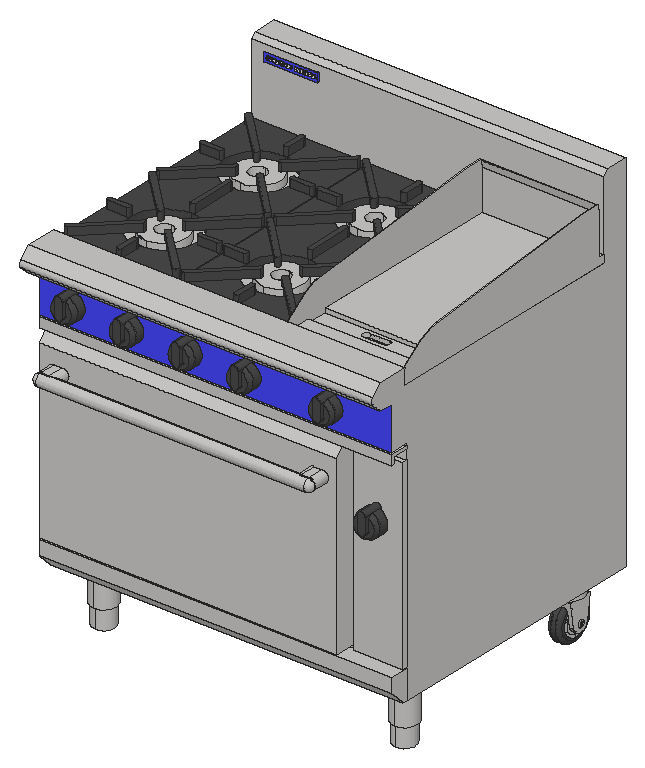
Revit family "QF_MOFFAT_BLUESEAL_CE_G56C", category Specialty Equipment, Revit 2012 (continued)
Automatic sketch dimensions
  Revolve 22 sketch curve to Revolve 22 sketch curve = 15 mm
  Revolve 22 sketch curve to plane 18 = 31.875 mm
  plane 7 "Center Y" to Revolve 22 sketch curve = 138.039 mm
  Revolve 22 sketch curve to plane 16 = 111.461 mm
  plane 21 to Extrusion 23 sketch curve = 44 mm
  Extrusion 23 sketch curve to Extrusion 23 sketch curve = 6.387 mm
  Extrusion 23 sketch curve to Extrusion 23 sketch curve = 8.776 mm
  Extrusion 23 sketch curve to plane 21 = 4.07 mm
  plane 18 to Extrusion 23 sketch curve = 55 mm
  Extrusion 23 sketch curve to Extrusion 23 sketch curve = 16.999 mm
  Extrusion 23 sketch curve to Extrusion 23 sketch curve = 7.004 mm
  plane 21 to Extrusion 24 sketch curve = 44 mm
  Extrusion 24 sketch curve to Extrusion 24 sketch curve = 36.5 mm
  Extrusion 25 sketch curve to plane 19 = 0 mm
  Extrusion 25 sketch curve to plane 19 = 19.393 mm
  Extrusion 25 sketch curve to plane 19 = 31.75 mm
  plane 19 to Extrusion 25 sketch curve = 19.393 mm
  plane 19 to Extrusion 25 sketch curve = 31.75 mm
  level to Extrusion 25 sketch curve = 45.111 mm
  Extrusion 25 sketch curve to Extrusion 25 sketch curve = 4.889 mm
  Extrusion 25 sketch curve to Extrusion 25 sketch curve = 64.889 mm
  Revolve 26 sketch curve to plane 19 = 0 mm  (x2)
  Revolve 26 sketch curve to plane 19 = 35.75 mm
  Revolve 26 sketch curve to level = 55 mm
  level to Revolve 26 sketch curve = 50 mm
  Revolve 26 sketch curve to Revolve 26 sketch curve = 60 mm
  Revolve 26 sketch curve to Revolve 26 sketch curve = 40 mm
  Revolve 27 sketch curve to plane 19 = 0 mm  (x2)
  Revolve 27 sketch curve to plane 19 = 35.75 mm
  level to Revolve 27 sketch curve = 150 mm
  Revolve 27 sketch curve to Revolve 27 sketch curve = 40 mm
  level to Revolve 27 sketch curve = 50 mm
  Revolve 27 sketch curve to level = 55 mm
  Revolve 28 sketch curve to plane 16 = 34.382 mm
  Revolve 28 sketch curve to Revolve 28 sketch curve = 1.27 mm  (x4)
  Revolve 28 sketch curve to Revolve 28 sketch curve = 1.524 mm  (x2)
  Revolve 28 sketch curve to Revolve 28 sketch curve = 12.146 mm  (x2)
  Revolve 28 sketch curve to plane 16 = 16.68 mm
  Revolve 28 sketch curve to Revolve 28 sketch curve = 0.794 mm  (x2)
  Revolve 28 sketch curve to Revolve 28 sketch curve = 3.57 mm
  Revolve 28 sketch curve to Revolve 28 sketch curve = 2.143 mm
  Revolve 28 sketch curve to plane 16 = 6.361 mm
  plane 16 to Revolve 28 sketch curve = 5.13 mm
  plane 16 to Revolve 28 sketch curve = 6.339 mm
  plane 16 to Revolve 28 sketch curve = 14.515 mm
  Revolve 28 sketch curve to Revolve 28 sketch curve = 1.349 mm  (x2)
  Revolve 28 sketch curve to Revolve 28 sketch curve = 3.556 mm
  Revolve 28 sketch curve to plane 4 "RIGHT" = 2.18 mm
  level to Revolve 28 sketch curve = 50.8 mm
  Revolve 28 sketch curve to Revolve 28 sketch curve = 0 mm
  Revolve 28 sketch curve to Revolve 28 sketch curve = 3.505 mm  (x2)
  Revolve 28 sketch curve to Revolve 28 sketch curve = 3.447 mm  (x2)
  Revolve 28 sketch curve to Revolve 28 sketch curve = 9.964 mm
  Revolve 28 sketch curve to Revolve 28 sketch curve = 10.045 mm
  Revolve 28 sketch curve to Revolve 28 sketch curve = 2.053 mm
  Revolve 28 sketch curve to Revolve 28 sketch curve = 2.061 mm
  Revolve 28 sketch curve to Revolve 28 sketch curve = 8.247 mm
  Revolve 28 sketch curve to Revolve 28 sketch curve = 8.336 mm
  Revolve 28 sketch curve to Revolve 28 sketch curve = 6.35 mm  (x2)
  Extrusion 29 sketch curve to plane 19 = 0 mm
  Extrusion 29 sketch curve to plane 19 = 19.393 mm
  Extrusion 29 sketch curve to plane 19 = 31.75 mm
  plane 19 to Extrusion 29 sketch curve = 19.393 mm
  plane 19 to Extrusion 29 sketch curve = 31.75 mm
  level to Extrusion 29 sketch curve = 45.111 mm
  Extrusion 29 sketch curve to Extrusion 29 sketch curve = 4.889 mm
  Extrusion 29 sketch curve to Extrusion 29 sketch curve = 64.889 mm
  Revolve 30 sketch curve to level = 0 mm
  Revolve 30 sketch curve to plane 19 = 0 mm  (x2)
  Revolve 30 sketch curve to Revolve 30 sketch curve = 27.5 mm
  Revolve 30 sketch curve to Revolve 30 sketch curve = 31.75 mm
  Revolve 30 sketch curve to level = 55 mm
  Revolve 30 sketch curve to Revolve 30 sketch curve = 50 mm
  Revolve 30 sketch curve to Revolve 30 sketch curve = 0 mm
  Revolve 30 sketch curve to Revolve 30 sketch curve = 100 mm
  Revolve 31 sketch curve to level = 0 mm
  Revolve 31 sketch curve to plane 19 = 0 mm  (x2)
  Revolve 31 sketch curve to Revolve 31 sketch curve = 27.5 mm
  Revolve 31 sketch curve to Revolve 31 sketch curve = 31.75 mm
  level to Revolve 31 sketch curve = 50 mm
  Revolve 31 sketch curve to Revolve 31 sketch curve = 0 mm
  Revolve 31 sketch curve to Revolve 31 sketch curve = 100 mm
  Revolve 31 sketch curve to Revolve 31 sketch curve = 55 mm
  plane 14 to Revolve 32 sketch curve = 25.382 mm
  Revolve 32 sketch curve to Revolve 32 sketch curve = 1.27 mm  (x4)
  Revolve 32 sketch curve to Revolve 32 sketch curve = 1.524 mm  (x2)
  plane 14 to Revolve 32 sketch curve = 10.442 mm
  plane 14 to Revolve 32 sketch curve = 7.68 mm
  Revolve 32 sketch curve to Revolve 32 sketch curve = 0.794 mm  (x2)
  Revolve 32 sketch curve to Revolve 32 sketch curve = 3.57 mm
  Revolve 32 sketch curve to Revolve 32 sketch curve = 2.143 mm
  Revolve 32 sketch curve to plane 14 = 2.639 mm
  Revolve 32 sketch curve to plane 11 = 0.13 mm
  Revolve 32 sketch curve to plane 11 = 1.339 mm
  Revolve 32 sketch curve to plane 11 = 9.515 mm
  Revolve 32 sketch curve to Revolve 32 sketch curve = 1.349 mm  (x2)
  Revolve 32 sketch curve to Revolve 32 sketch curve = 3.556 mm
  Revolve 32 sketch curve to Revolve 32 sketch curve = 12.146 mm
  Revolve 32 sketch curve to plane 3 "LEFT" = 2.68 mm
  level to Revolve 32 sketch curve = 101.6 mm
  Revolve 32 sketch curve to Revolve 32 sketch curve = 6.35 mm  (x4)
  Revolve 32 sketch curve to Revolve 32 sketch curve = 8.247 mm
  Revolve 32 sketch curve to Revolve 32 sketch curve = 8.336 mm
  Revolve 32 sketch curve to Revolve 32 sketch curve = 2.061 mm
  Revolve 32 sketch curve to Revolve 32 sketch curve = 2.053 mm
  Revolve 32 sketch curve to Revolve 32 sketch curve = 10.045 mm
  Revolve 32 sketch curve to Revolve 32 sketch curve = 9.964 mm
  Revolve 32 sketch curve to Revolve 32 sketch curve = 3.447 mm  (x2)
  Revolve 32 sketch curve to Revolve 32 sketch curve = 3.505 mm
  plane 21 to Extrusion 33 sketch curve = 0 mm
  Extrusion 33 sketch curve to plane 21 = 3 mm  (x2)
  plane 10 to Extrusion 33 sketch curve = 36.504 mm
  plane 12 to Extrusion 33 sketch curve = 67.472 mm
  plane 19 to Extrusion 33 sketch curve = 26 mm  (x2)
  Extrusion 33 sketch curve to Extrusion 33 sketch curve = 3 mm
  plane 14 to Extrusion 33 sketch curve = 76 mm  (x2)
  plane 9 to Extrusion 33 sketch curve = 17 mm
  Extrusion 34 sketch curve to Extrusion 33 = 19.102 mm  (x4)
  Extrusion 34 sketch curve to Extrusion 34 sketch curve = 4.525 mm  (x32)
  Extrusion 34 sketch curve to Extrusion 33 = 27.593 mm  (x2)
  Extrusion 34 sketch curve to Extrusion 34 sketch curve = 48.456 mm  (x8)
  Extrusion 34 sketch curve to Extrusion 34 sketch curve = 50.976 mm  (x2)
  Extrusion 34 sketch curve to Extrusion 34 sketch curve = 0 mm  (x11)
  Extrusion 33 to Extrusion 34 sketch curve = 9.908 mm  (x2)
  Extrusion 34 sketch curve to Extrusion 34 sketch curve = 27.39 mm  (x4)
  Extrusion 34 sketch curve to Extrusion 34 sketch curve = 6.4 mm  (x14)
  Extrusion 34 sketch curve to Extrusion 34 sketch curve = 20.658 mm  (x4)
  Extrusion 34 sketch curve to Extrusion 34 sketch curve = 55.923 mm  (x2)
  Extrusion 33 to Extrusion 34 sketch curve = 6.102 mm  (x3)
  Extrusion 34 sketch curve to Extrusion 34 sketch curve = 128.581 mm  (x3)
  Extrusion 34 sketch curve to Extrusion 33 = 6.102 mm  (x2)
  Extrusion 34 sketch curve to Extrusion 33 = 5.102 mm  (x3)
  Extrusion 34 sketch curve to Extrusion 33 = 14.153 mm
  Extrusion 34 sketch curve to Extrusion 34 sketch curve = 12.205 mm  (x4)
  Extrusion 34 sketch curve to Extrusion 33 = 15.153 mm  (x2)
  Extrusion 33 to Extrusion 34 sketch curve = 15.153 mm
  Extrusion 34 sketch curve to Extrusion 34 sketch curve = 112.454 mm  (x2)
  Extrusion 34 sketch curve to Extrusion 34 sketch curve = 59.673 mm  (x2)
  Extrusion 34 sketch curve to Extrusion 34 sketch curve = 17.024 mm  (x3)
  Extrusion 34 sketch curve to Extrusion 34 sketch curve = 46.847 mm  (x4)
  Extrusion 34 sketch curve to Extrusion 34 sketch curve = 62.169 mm  (x2)
  Extrusion 34 sketch curve to Extrusion 33 = 36.153 mm  (x3)
  Extrusion 34 sketch curve to Extrusion 33 = 23.4 mm  (x2)
  Extrusion 34 sketch curve to Extrusion 33 = 9.156 mm  (x2)
  Extrusion 34 sketch curve to Extrusion 34 sketch curve = 55.413 mm  (x4)
  Extrusion 34 sketch curve to Extrusion 34 sketch curve = 20.524 mm  (x6)
  Extrusion 34 sketch curve to Extrusion 34 sketch curve = 53.847 mm  (x8)
  Extrusion 34 sketch curve to Extrusion 33 = 58.364 mm
  Extrusion 34 sketch curve to Extrusion 34 sketch curve = 55.661 mm  (x4)
  Extrusion 34 sketch curve to Extrusion 33 = 9.908 mm  (x2)
  Extrusion 34 sketch curve to Extrusion 34 sketch curve = 128.447 mm  (x3)
  Extrusion 36 sketch curve to plane 7 "Center Y" = 0 mm  (x2)
  plane 21 to Extrusion 36 sketch curve = 0 mm
  Extrusion 36 sketch curve to plane 21 = 3 mm  (x2)
  plane 10 to Extrusion 36 sketch curve = 36.504 mm
  plane 12 to Extrusion 36 sketch curve = 67.472 mm
  plane 19 to Extrusion 36 sketch curve = 26 mm  (x2)
  Extrusion 36 sketch curve to Extrusion 36 sketch curve = 3 mm
  plane 9 to Extrusion 36 sketch curve = 23 mm
  curve 23 to curve 27 = 0 mm  (x2)
  curve 37 to curve 39 = 0 mm  (x2)
  curve 37 to curve 41 = 0 mm  (x2)
  curve 45 to curve 47 = 0 mm  (x2)
  curve 51 to curve 53 = 0 mm  (x2)
  curve 51 to curve 55 = 0 mm  (x2)
  curve 49 to plane 7 "Center Y" = 0 mm
  curve 45 to plane 7 "Center Y" = 0 mm
  curve 51 to plane 7 "Center Y" = 0 mm
  plane 12 to curve 42 = 45.472 mm
  plane 14 to curve 42 = 76 mm
  plane 14 to curve 28 = 76 mm
  curve 26 to curve 23 = 0 mm
  curve 39 to curve 41 = 22 mm
  plane 12 to curve 55 = 67.472 mm
  curve 55 to curve 51 = 22 mm
  curve 54 to curve 55 = 35 mm
  curve 39 to curve 41 = 35 mm
  curve 38 to curve 39 = 28 mm
  curve 51 to curve 53 = 28 mm
  curve 25 to plane 8 "Center X" = 46.768 mm
  curve 50 to plane 8 "Center X" = 46.768 mm
  curve 49 to curve 46 = 27.732 mm
  curve 25 to curve 23 = 27.732 mm
  curve 45 to curve 48 = 35 mm
  curve 23 to curve 28 = 35 mm
  curve 27 to curve 28 = 22 mm
  curve 47 to curve 45 = 22 mm
  curve 23 to curve 25 = 0.268 mm
  curve 45 to curve 50 = 0.268 mm
  Extrusion 35 sketch curve to Extrusion 35 sketch curve = 0 mm  (x8)
  Extrusion 35 sketch curve to plane 7 "Center Y" = 0 mm  (x2)
  plane 12 to Extrusion 35 sketch curve = 67.472 mm  (x2)
  plane 10 to Extrusion 35 sketch curve = 36.772 mm  (x2)
  plane 14 to Extrusion 35 sketch curve = 76 mm  (x2)
  plane 1 "BACK" to curve 1 = 0 mm
  curve 1 to plane 3 "LEFT" = 0 mm
  plane 5 "FRONT" to curve 9 = 0 mm
  plane 21 to curve 6 = 0 mm
  plane 3 "LEFT" to curve 31 = 8.27 mm
  plane 3 "LEFT" to curve 44 = 8.27 mm
  plane 3 "LEFT" to curve 34 = 8.27 mm
  plane 3 "LEFT" to curve 29 = 8.27 mm
  plane 3 "LEFT" to curve 20 = 9.26 mm
  plane 3 "LEFT" to curve 35 = 9.26 mm
  plane 3 "LEFT" to curve 9 = 22.65 mm
  curve 10 to plane 11 = 11.111 mm
  curve 9 to plane 11 = 9.192 mm
  curve 20 to plane 11 = 0.74 mm
  curve 35 to plane 11 = 0.74 mm
  plane 14 to curve 34 = 47.407 mm
  plane 14 to curve 44 = 47.407 mm
  plane 14 to curve 29 = 47.407 mm
  plane 10 to curve 31 = 11.679 mm
  plane 14 to curve 31 = 47.407 mm
  curve 18 to plane 12 = 26.806 mm
  curve 34 to curve 18 = 28.581 mm
  curve 19 to plane 21 = 23.732 mm
  plane 14 to curve 19 = 76.034 mm
  curve 44 to curve 32 = 28.628 mm
  curve 44 to curve 43 = 57.187 mm
  plane 12 to curve 33 = 35.379 mm
  curve 34 to curve 33 = 57.187 mm
  curve 29 to curve 21 = 57.187 mm
  plane 10 to curve 30 = 11.679 mm
  curve 30 to curve 21 = 0 mm
  curve 36 to plane 9 = 39.959 mm
  curve 22 to plane 9 = 39.959 mm
  plane 9 to curve 43 = 11.73 mm
  plane 9 to curve 33 = 11.73 mm
  plane 9 to curve 30 = 11.73 mm
  plane 9 to curve 21 = 11.73 mm
  plane 9 to curve 22 = 11.767 mm
  plane 9 to curve 36 = 11.767 mm
  curve 15 to plane 21 = 3.3 mm
  plane 9 to curve 15 = 20 mm
  plane 8 "Center X" to curve 62 = 6.73 mm
  curve 21 to curve 62 = 16.539 mm
  curve 30 to curve 64 = 16.539 mm
  curve 33 to curve 67 = 16.539 mm
  plane 19 to curve 71 = 7.73 mm
  curve 43 to curve 71 = 16.539 mm
  curve 22 to curve 59 = 17.493 mm
  curve 36 to curve 68 = 17.493 mm
  curve 59 to curve 59 = 50 mm
  curve 68 to curve 68 = 50 mm
  plane 10 to curve 64 = 11.679 mm
  curve 64 to plane 7 "Center Y" = 28.593 mm
  curve 71 to plane 7 "Center Y" = 28.593 mm
  curve 62 to plane 7 "Center Y" = 28.593 mm
  curve 67 to plane 7 "Center Y" = 28.593 mm
  curve 57 to plane 7 "Center Y" = 0.012 mm
  plane 7 "Center Y" to curve 58 = 0.034 mm
  plane 7 "Center Y" to curve 65 = 0.034 mm
  plane 10 to curve 63 = 11.679 mm
  plane 7 "Center Y" to curve 63 = 28.593 mm
  plane 7 "Center Y" to curve 60 = 28.593 mm
  plane 7 "Center Y" to curve 66 = 28.593 mm
  plane 7 "Center Y" to curve 70 = 28.593 mm
  curve 66 to curve 69 = 61.447 mm
  curve 63 to curve 61 = 61.447 mm
  plane 8 "Center X" to curve 60 = 6.73 mm
  plane 7 "Center Y" to curve 60 = 141.73 mm
  plane 19 to curve 70 = 7.73 mm
  plane 7 "Center Y" to curve 70 = 141.73 mm
  curve 66 to plane 13 = 17.758 mm
  curve 66 to curve 60 = 0 mm
  curve 63 to plane 21 = 29.27 mm
  plane 7 "Center Y" to curve 63 = 141.73 mm
  curve 69 to curve 69 = 51.727 mm
  curve 61 to curve 61 = 51.727 mm
  curve 70 to curve 16 = 8.27 mm
  plane 5 "FRONT" to curve 10 = 14.544 mm
  curve 10 to plane 16 = 112.642 mm
  curve 11 to curve 11 = 25.191 mm
  curve 13 to plane 16 = 74.5 mm
  curve 12 to curve 10 = 392.303 mm
  curve 58 to plane 21 = 23.732 mm
  curve 7 to curve 31 = 25.97 mm
  curve 15 to curve 64 = 25.97 mm
  curve 30 to curve 64 = 0 mm
  curve 58 to curve 58 = 52.71 mm
  curve 19 to curve 19 = 52.71 mm
  plane 10 to curve 61 = 36.638 mm
  plane 10 to curve 22 = 36.638 mm
  plane 10 to curve 59 = 36.638 mm
  plane 10 to curve 20 = 36.638 mm
  curve 31 to curve 29 = 50.187 mm
  curve 63 to curve 60 = 50.187 mm
  curve 30 to curve 21 = 50.187 mm
  curve 64 to curve 62 = 50.187 mm
  curve 18 to plane 8 "Center X" = 42.358 mm
  curve 57 to plane 8 "Center X" = 42.358 mm
  plane 8 "Center X" to curve 21 = 6.73 mm
  plane 8 "Center X" to curve 29 = 6.73 mm
  curve 21 to curve 33 = 16.539 mm
  curve 33 to curve 67 = 0 mm
  curve 17 to curve 34 = 8.27 mm
  curve 57 to plane 12 = 26.806 mm
  plane 12 to curve 34 = 35.379 mm
  plane 12 to curve 66 = 35.379 mm
  plane 12 to curve 67 = 35.379 mm
  plane 12 to curve 36 = 63.972 mm
  curve 36 to curve 68 = 0 mm
  plane 12 to curve 69 = 63.972 mm
  plane 12 to curve 35 = 63.972 mm
  curve 33 to curve 43 = 64.187 mm
  curve 67 to curve 71 = 64.187 mm
  curve 71 to curve 70 = 0 mm
  curve 44 to curve 43 = 0 mm
  curve 32 to plane 19 = 49.16 mm
  curve 65 to plane 19 = 49.16 mm
  plane 19 to curve 65 = 3.719 mm
  plane 19 to curve 32 = 3.719 mm
  plane 19 to curve 44 = 7.73 mm
  plane 19 to curve 43 = 7.73 mm
  curve 43 to curve 15 = 19.536 mm
  curve 8 to curve 4 = 2.734 mm
  Split face 1 sketch curve to cut or joined group of Extrusion 1, Extrusion 19 = 27.115 mm
  Split face 1 sketch curve to cut or joined group of Extrusion 1, Extrusion 19 = 626.545 mm
  Split face 1 sketch curve to Split face 1 sketch curve = 4.041 mm  (x4)
  Split face 1 sketch curve to Split face 1 sketch curve = 8.66 mm  (x2)
  Split face 1 sketch curve to cut or joined group of Extrusion 1, Extrusion 19 = 12.115 mm
  Split face 1 sketch curve to Split face 1 sketch curve = 223.917 mm
  Split face 1 sketch curve to Split face 1 sketch curve = 7 mm  (x3)
  Split face 1 sketch curve to Split face 1 sketch curve = 17 mm
  Split face 2 sketch curve to cut or joined group of Extrusion 1, Extrusion 19 = 27.115 mm
  Split face 2 sketch curve to cut or joined group of Extrusion 1, Extrusion 19 = 326.545 mm
  Split face 2 sketch curve to cut or joined group of Extrusion 1, Extrusion 19 = 23.385 mm
  Split face 2 sketch curve to Split face 2 sketch curve = 4.041 mm  (x3)
  Split face 2 sketch curve to Split face 2 sketch curve = 8.66 mm  (x3)
  Split face 2 sketch curve to cut or joined group of Extrusion 1, Extrusion 19 = 12.115 mm
  Split face 2 sketch curve to Split face 2 sketch curve = 223.917 mm
  Split face 2 sketch curve to cut or joined group of Extrusion 1, Extrusion 19 = 18.385 mm
  Split face 2 sketch curve to Split face 2 sketch curve = 10 mm
  Split face 2 sketch curve to Split face 2 sketch curve = 7 mm
  Split face 3 sketch curve to cut or joined group of Extrusion 1, Extrusion 19 = 27.115 mm
  Split face 3 sketch curve to cut or joined group of Extrusion 1, Extrusion 19 = 26.545 mm
  Split face 3 sketch curve to cut or joined group of Extrusion 1, Extrusion 19 = 23.385 mm
  Split face 3 sketch curve to Split face 3 sketch curve = 4.041 mm  (x4)
  Split face 3 sketch curve to Split face 3 sketch curve = 8.66 mm  (x2)
  Split face 3 sketch curve to cut or joined group of Extrusion 1, Extrusion 19 = 22.115 mm
  Split face 3 sketch curve to Split face 3 sketch curve = 223.917 mm
  Split face 3 sketch curve to cut or joined group of Extrusion 1, Extrusion 19 = 17.115 mm
  Split face 3 sketch curve to Split face 3 sketch curve = 17 mm
  Split face 3 sketch curve to Split face 3 sketch curve = 7 mm
  curve 78 to plane 17 = 1.385 mm
  plane 3 "LEFT" to curve 78 = 24.134 mm
  curve 78 to plane 17 = 8.385 mm
  curve 78 to curve 78 = 4.041 mm
  plane 17 to curve 79 = 3.615 mm
  curve 79 to curve 79 = 8.66 mm
  curve 77 to curve 77 = 8.66 mm
  plane 17 to curve 73 = 3.615 mm
  curve 73 to plane 9 = 19.247 mm
  curve 75 to plane 17 = 3.385 mm
  curve 73 to curve 75 = 4.041 mm
  plane 17 to curve 74 = 8.615 mm
  plane 17 to curve 75 = 1.615 mm
  curve 75 to plane 9 = 6.545 mm
  curve 81 to plane 17 = 1.385 mm
  plane 9 to curve 81 = 44.134 mm
  curve 82 to curve 83 = 4.041 mm
  curve 81 to curve 80 = 8.66 mm
  curve 83 to plane 17 = 3.385 mm
  curve 81 to curve 83 = 4.041 mm
  plane 17 to curve 87 = 13.615 mm
  curve 87 to curve 16 = 39.247 mm
  curve 85 to plane 17 = 3.385 mm
  curve 87 to curve 85 = 4.041 mm
  plane 17 to curve 86 = 8.615 mm
  curve 80 to curve 86 = 8.66 mm
  plane 17 to curve 85 = 1.615 mm
  curve 86 to curve 85 = 4.041 mm
  curve 94 to plane 17 = 1.385 mm
  curve 16 to curve 94 = 24.134 mm
  curve 94 to plane 17 = 8.385 mm
  curve 94 to curve 94 = 4.041 mm
  plane 17 to curve 88 = 13.615 mm
  curve 95 to curve 88 = 8.66 mm
  curve 94 to curve 92 = 8.66 mm
  plane 16 to curve 88 = 26.253 mm
  curve 89 to curve 92 = 4.041 mm
  plane 17 to curve 90 = 8.615 mm
  curve 88 to curve 90 = 8.66 mm
  plane 17 to curve 90 = 1.615 mm
  curve 89 to curve 90 = 4.041 mm
  curve 93 to curve 94 = 5 mm
  plane 8 "Center X" to curve 17 = 15 mm
  curve 60 to curve 17 = 9.686 mm
  curve 4 to curve 96 = 12.5 mm
  curve 97 to plane 5 "FRONT" = 28.03 mm
  plane 21 to Extrusion 2 sketch curve = 44 mm
  plane 18 to Extrusion 2 sketch curve = 21 mm
  Extrusion 2 sketch curve to Extrusion 2 sketch curve = 24 mm
  Extrusion 24 sketch curve to plane 21 = 6 mm
  level to Extrusion 24 sketch curve = 150 mm
  Extrusion 24 sketch curve to Extrusion 24 sketch curve = 36 mm
  plane 21 to Extrusion 24 sketch curve = 8 mm
  radius of Extrusion 6 sketch curve = 10 mm
  radius of Extrusion 33 sketch curve = 85 mm  (x2)
  radius of Extrusion 36 sketch curve = 85 mm  (x2)
  radius of Extrusion 35 sketch curve = 57 mm  (x4)
  radius of Extrusion 35 sketch curve = 22 mm  (x4)
  radius of Extrusion 37 sketch curve = 6.35 mm
Nested families
  nested 1: "WALDORF LOGO_FACE BASE" at (32, -70, 1056.385) x (1, 0, 0) z (0, -1, 0), visible <- "Show Logo", type "WALDORF LOGO_FACE BASE", detail levels medium+fine
    with Show Logo yes
  nested 2: "GAS GRIDDLE PLATE 300" at (600, -85, 875), type "GAS GRIDDLE PLATE 300"
    with Width 300 mm, Type Mark "", Status "", Specification by User "", Revision Code "", Item Number "", Installed By "", Identify Quantity as Lot yes, Furnished By "", Foodservice Equipment Identifier yes, Depth 620 mm
Connectors
  piping at (770, -32, 655)
    settings: on Extrusion 6, index 4, connector radius 0.37402", flow factor 0, pipe flow 0 GPM, pressure drop 0.00 psi, fitting loss kfactor 0, connector angle 0.00°, fixture units 0, engagement length 0 mm, flow configuration 1, flow direction 1, fitting loss method 0, system type 7, joint type 0, gender type 0, connector reference index -1, connector utility 0, adjustable connector no, is connector primary yes, fitting loss table "", connector description "GAS CONNECTION"
  electrical at (826, -501, 147.817), driven by "Volts", driven by "Watts"
    settings: on Extrusion 37, index 5, voltage 230 V, apparent load 130 VA, apparent load phase1 0 VA, apparent load phase2 0 VA, apparent load phase3 0 VA, power factor 1, load classification "Other", number of poles 1, system type 30, power factor state 1, is connector primary yes, connector utility no, sub classification motor no, connector description "ELECTRICAL CONNECTION"
Definition of nested family "WALDORF LOGO_FACE BASE"
  Parameters (values of type "WALDORF LOGO_FACE BASE")
    Show Logo [instance] = yes
    Default Elevation = 1219.2 mm
  Reference planes
    plane 1 "Center (Front/Back)": y = 0
    plane 2: z = 0
    plane 3 "Center (Left/Right)": x = 0
  Forms (mm)
    Extrusion 1, solid
      sketch origin (0, 0, 0) x (1, 0, 0) y (0, 1, 0)
        loop
          line (-1219.2, 1219.2) -> (-1219.2, -1219.2) -> (1219.2, -1219.2) -> (1219.2, 1219.2) -> (-1219.2, 1219.2)
      from 0 to -304.8
    Extrusion 2, solid, material "QF_Finishes_Blue", visible <- "Show Logo"
      sketch origin (0, -33.217, 0) x (1, 0, 0) y (0, 1, 0)
        loop
          arc (138, 31.942) -> (137.626, 32.844) -> (136.724, 33.217) r 1.276
          line (136.724, 33.217) -> (1.29, 33.217)
          arc (1.29, 33.217) -> (0.378, 32.839) -> (0, 31.927) r 1.29
          line (0, 31.927) -> (0, 11.507)
          arc (0, 11.507) -> (0.378, 10.595) -> (1.29, 10.217) r 1.29
          line (1.29, 10.217) -> (136.71, 10.217)
          arc (136.71, 10.217) -> (137.622, 10.595) -> (138, 11.507) r 1.29
          line (138, 11.507) -> (138, 31.942)
      from 0 to 1.588
    Extrusion 3, solid, material "QF_Finishes_White", visible <- "Show Logo"
      sketch origin (0, -33.217, 1.588) x (1, 0, 0) y (0, 1, 0)
        loop
          arc (108.946, 25.919) -> (107.613, 25.367) -> (107.061, 24.034) r 1.885
          line (107.061, 24.034) -> (107.061, 17.211) -> (112.704, 17.211) -> (112.704, 19.129) -> (115.546, 19.129) -> (115.546, 17.211) -> (121.584, 17.211) -> (121.584, 24.075)
          arc (121.584, 24.075) -> (121.043, 25.379) -> (119.739, 25.919) r 1.845
          line (119.739, 25.919) -> (108.946, 25.919)
        loop
          line (123.478, 25.919) -> (123.478, 17.163) -> (134.904, 17.163) -> (134.904, 19.129) -> (129.246, 19.129) -> (129.246, 25.919) -> (123.478, 25.919)
        loop
          line (112.704, 21.258) -> (115.546, 21.258) -> (115.546, 22.702)
          arc (115.546, 22.702) -> (115.344, 23.188) -> (114.858, 23.389) r 0.687
          line (114.858, 23.389) -> (113.363, 23.389)
          arc (113.363, 23.389) -> (112.897, 23.196) -> (112.704, 22.73) r 0.658
          line (112.704, 22.73) -> (112.704, 21.258)
        loop
          line (105.071, 25.919) -> (93.771, 25.919) -> (93.771, 17.163) -> (105.071, 17.163) -> (105.071, 19.063) -> (99.535, 19.063) -> (99.535, 20.437) -> (105.071, 20.437) -> (105.071, 22.278) -> (99.535, 22.278) -> (99.535, 23.587) -> (105.071, 23.587) -> (105.071, 25.919)
        loop
          line (91.104, 25.919) -> (79.541, 25.919)
          arc (79.541, 25.919) -> (78.558, 25.513) -> (78.152, 24.53) r 1.389
          line (78.152, 24.53) -> (78.152, 22.08)
          arc (78.152, 22.08) -> (78.558, 21.098) -> (79.541, 20.691) r 1.389
          line (79.541, 20.691) -> (86.346, 20.691) -> (86.346, 18.864) -> (83.266, 18.864) -> (83.266, 19.664) -> (78.152, 19.664) -> (78.152, 18.553)
          arc (78.152, 18.553) -> (78.558, 17.57) -> (79.541, 17.163) r 1.389
          line (79.541, 17.163) -> (91.063, 17.163)
          arc (91.063, 17.163) -> (92.045, 17.57) -> (92.452, 18.553) r 1.389
          line (92.452, 18.553) -> (92.452, 20.691)
          arc (92.452, 20.691) -> (92.045, 21.673) -> (91.063, 22.08) r 1.389
          line (91.063, 22.08) -> (83.266, 22.08) -> (83.266, 23.984) -> (86.346, 23.984) -> (86.346, 22.743) -> (92.452, 22.743) -> (92.452, 24.571)
          arc (92.452, 24.571) -> (92.057, 25.524) -> (91.104, 25.919) r 1.348
        loop
          line (70.705, 25.919) -> (59.405, 25.919) -> (59.405, 17.163) -> (70.705, 17.163) -> (70.705, 19.063) -> (65.169, 19.063) -> (65.169, 20.437) -> (70.705, 20.437) -> (70.705, 22.278) -> (65.169, 22.278) -> (65.169, 23.587) -> (70.705, 23.587) -> (70.705, 25.919)
        loop
          line (57.598, 25.919) -> (51.7, 25.919) -> (51.7, 20.18)
          arc (51.7, 20.18) -> (50.63, 19.11) -> (49.56, 20.18) r 1.07
          line (49.56, 20.18) -> (49.56, 25.919) -> (43.663, 25.919) -> (43.663, 19.049)
          arc (43.663, 19.049) -> (44.215, 17.716) -> (45.548, 17.163) r 1.885
          line (45.548, 17.163) -> (55.71, 17.163)
          arc (55.71, 17.163) -> (57.045, 17.716) -> (57.598, 19.051) r 1.887
          line (57.598, 19.051) -> (57.598, 25.919)
        loop
          line (31.62, 25.919) -> (31.62, 17.163) -> (43.046, 17.163) -> (43.046, 19.129) -> (37.388, 19.129) -> (37.388, 25.919) -> (31.62, 25.919)
        loop
          line (15.969, 25.919) -> (15.969, 17.163) -> (28.693, 17.163)
          arc (28.693, 17.163) -> (29.812, 17.627) -> (30.276, 18.746) r 1.582
          line (30.276, 18.746) -> (30.276, 20.447) -> (29.48, 21.243) -> (30.276, 22.039) -> (30.276, 24.332)
          arc (30.276, 24.332) -> (29.811, 25.454) -> (28.688, 25.919) r 1.587
          line (28.688, 25.919) -> (15.969, 25.919)
        loop
          line (21.449, 24.159) -> (21.449, 22.436) -> (23.862, 22.436)
          arc (23.862, 22.436) -> (24.723, 23.298) -> (23.862, 24.159) r 0.861
          line (23.862, 24.159) -> (21.449, 24.159)
        loop
          line (21.449, 20.244) -> (21.449, 18.522) -> (23.862, 18.522)
          arc (23.862, 18.522) -> (24.723, 19.383) -> (23.862, 20.244) r 0.861
          line (23.862, 20.244) -> (21.449, 20.244)
      from 0 to 0.2
    Extrusion 4, solid, material "QF_Finishes_Blue", visible <- "Show Logo"
      sketch origin (-126.498, -31.09, 1.588) x (1, 0, 0) y (0, 1, 0)
        loop
          line (136.738, 23.522) -> (136.738, 15.1)
          arc (136.738, 15.1) -> (140.756, 19.311) -> (136.738, 23.522) r 4.216
      from 0 to 0.2
    Extrusion 5, solid, material "QF_Finishes_Red", visible <- "Show Logo"
      sketch origin (146.849, -31.09, 1.588) x (-1, 0, 0) y (0, -1, 0)
        loop
          arc (136.738, -23.522) -> (140.756, -19.311) -> (136.738, -15.1) r 4.216
          line (136.738, -15.1) -> (136.738, -23.522)
      from 0 to 0.2
  Lines and regions (mm)
    Split face 1
      outline origin (-90.35, -30.793, 1.588) x (1, 0, 0) y (0, 1, 0)
        loop
          circle (100.54, 19.013) r 4.536
  Dimensions and locks
    aligned and locked: plane 2 to Extrusion 1
    aligned and locked: level to Extrusion 1
Definition of nested family "GAS GRIDDLE PLATE 300"
  Parameters (values of type "GAS GRIDDLE PLATE 300")
    Width [instance] = 300 mm
    Weight in Pounds = 0
    URL Cutsheet = ""
    Type Mark [instance] = ""
    Status [instance] = ""
    Specification by User [instance] = ""
    Specification by Manufacturer = ""
    Serial Number = ""
    Seismic Rating = ""
    SMACNA No = ""
    Revision Code [instance] = ""
    Omniclass Number and Title = ""
    NAFEM Spec ID Number = ""
    Masterspec = ""
    Item Number [instance] = ""
    Installed By [instance] = ""
    Identify Quantity as Lot [instance] = yes
    Furnished By [instance] = ""
    Foodservice Equipment Identifier [instance] = yes
    Depth [instance] = 620 mm
    CSI MasterFormat = ""
    CSI Master Format = ""
  Reference planes
    plane 1 "BACK": y = 0
    plane 2: z = 0
    plane 3 "LEFT": x = 0
    plane 4 "RIGHT": x = 300
    plane 5 "FRONT": y = -620
    plane 6 "TOP": z = 142.5
    plane 7 "Center Y": x = 150
    plane 8 "Center X": y = -310
    plane 9: y = -530.997
    plane 10: y = -541.497
    plane 11: y = -503.25
    plane 12: y = -557.737
  Forms (mm)
    Extrusion 1, solid, material "QF_Finishes_Stainless Steel"
      sketch origin (0, 70.003, -874.5) x (0, 1, 0) y (0, 0, 1)
        loop
          line (-70, 875) -> (-70, 997.489) -> (-75.228, 1017) -> (-117.24, 1017) -> (-589.533, 971.523)
          arc (-589.533, 971.523) -> (-614.56, 965.803) -> (-637.306, 953.899) r 100
          line (-637.306, 953.899) -> (-690.003, 917) -> (-690.003, 875) -> (-70, 875)
      from 0 to 1.8
    Extrusion 2, solid, material "QF_Finishes_Stainless Steel"
      sketch origin (600, 70.003, -874.5) x (0, -1, 0) y (0, 0, 1)
        loop
          line (70, 875) -> (690.003, 875) -> (690.003, 917) -> (637.306, 953.899)
          arc (637.306, 953.899) -> (614.56, 965.803) -> (589.533, 971.523) r 100
          line (589.533, 971.523) -> (117.24, 1017) -> (75.228, 1017) -> (70, 997.489) -> (70, 875)
      from 300 to 301.2
    Extrusion 3, solid, material "QF_Finishes_Stainless Steel"
      sketch origin (150, 70.003, -874.5) x (0, 1, 0) y (0, 0, 1)
        loop
          line (-55, 895) -> (-573.253, 895) -> (-573.253, 884.5) -> (-627.74, 884.5) -> (-627.74, 895) -> (-690.003, 895) -> (-690.003, 875) -> (-55, 875) -> (-55, 895)
      from -148.2 to 150
    Extrusion 4, void
      sketch origin (150, -541.497, 10) x (0, -1, 0) y (1, 0, 0)
        loop
          arc (-7.497, 25) -> (-17.497, 35) -> (-27.497, 25) r 10
          line (-27.497, 25) -> (-27.497, -25)
          arc (-27.497, -25) -> (-17.497, -35) -> (-7.497, -25) r 10
          line (-7.497, -25) -> (-7.497, 25)
      from -41.4 to 40.142
    Extrusion 5, solid, material "QF_Finishes_Stainless Steel"
      sketch origin (0, 70.003, -874.5) x (0, 1, 0) y (0, 0, 1)
        loop
          line (-70, 875) -> (-70, 997.489) -> (-75.228, 1017) -> (-76.884, 1017) -> (-71.6, 997.278) -> (-71.6, 875) -> (-70, 875)
      from 0 to 298.8
  Cuts and joins
    Extrusion 4 cuts Extrusion 3
    joined: Extrusion 1, Extrusion 2, Extrusion 3
  Lines and regions (mm)
    symbolic lines
      curve 1: line (300, -503.25, 0) -> (0, -503.25, 0)
      curve 2: line (0, -557.737, 0) -> (300, -557.737, 0)
      curve 3: line (0, -1.68, 0) -> (300, -1.68, 0)
      curve 4: line (300, -1.68, 0) -> (300, -620, 0)
      curve 5: line (0, -620, 0) -> (0, -1.68, 0)
      curve 6: line (0, -620, 0) -> (300, -620, 0)
      curve 7: arc (175, -534, 0) -> (185, -524, 0) -> (175, -514, 0) r 10
      curve 8: line (175, -514, 0) -> (125, -514, 0)
      curve 9: arc (125, -514, 0) -> (115, -524, 0) -> (125, -534, 0) r 10
      curve 10: line (125, -534, 0) -> (175, -534, 0)
  Dimensions and locks
    equal spacing: plane 3 "LEFT", plane 7 "Center Y", plane 4 "RIGHT"
    "Width": plane 3 "LEFT" to plane 4 "RIGHT"
    equal spacing: plane 5 "FRONT", plane 8 "Center X", plane 1 "BACK"
    "Depth": plane 5 "FRONT" to plane 1 "BACK"
    locked: Extrusion 2 to Extrusion 2 at 1.2
    equal spacing: Extrusion 4 sketch curve, plane 7 "Center Y", Extrusion 4 sketch curve, locked at 35 each
    aligned and locked: level to plane 2
    aligned and locked: Extrusion 2 to plane 4 "RIGHT"
    aligned and locked: curve 1 to plane 11
    aligned and locked: plane 12 to curve 2
    aligned and locked: Extrusion 5 to cut or joined group of Extrusion 1, Extrusion 2, Extrusion 3, Extrusion 4
  Automatic sketch dimensions
    Extrusion 1 sketch curve to plane 5 "FRONT" = 0 mm
    Extrusion 1 sketch curve to plane 6 "TOP" = 0 mm
    plane 12 to Extrusion 1 sketch curve = 9.566 mm
    plane 11 to Extrusion 1 sketch curve = 16.28 mm
    Extrusion 1 sketch curve to level = 2.516 mm
    plane 11 to Extrusion 1 sketch curve = 6.695 mm
    plane 1 "BACK" to Extrusion 1 sketch curve = 47.237 mm
    plane 1 "BACK" to Extrusion 1 sketch curve = 5.225 mm
    Extrusion 1 sketch curve to plane 1 "BACK" = 0.003 mm
    level to Extrusion 1 sketch curve = 0.5 mm
    Extrusion 1 sketch curve to Extrusion 1 sketch curve = 42 mm
    Extrusion 1 sketch curve to plane 6 "TOP" = 63.101 mm
    Extrusion 1 sketch curve to plane 6 "TOP" = 19.511 mm
    Extrusion 2 sketch curve to plane 6 "TOP" = 0 mm
    Extrusion 2 sketch curve to plane 5 "FRONT" = 0 mm
    plane 12 to Extrusion 2 sketch curve = 9.566 mm
    plane 11 to Extrusion 2 sketch curve = 16.28 mm
    Extrusion 2 sketch curve to level = 2.516 mm
    plane 11 to Extrusion 2 sketch curve = 6.695 mm
    plane 1 "BACK" to Extrusion 2 sketch curve = 47.237 mm
    plane 1 "BACK" to Extrusion 2 sketch curve = 5.225 mm
    Extrusion 2 sketch curve to plane 1 "BACK" = 0.003 mm
    level to Extrusion 2 sketch curve = 0.5 mm
    Extrusion 2 sketch curve to Extrusion 2 sketch curve = 42 mm
    Extrusion 2 sketch curve to plane 6 "TOP" = 63.101 mm
    Extrusion 2 sketch curve to plane 6 "TOP" = 19.511 mm
    Extrusion 3 sketch curve to plane 5 "FRONT" = 0 mm
    Extrusion 3 sketch curve to plane 12 = 0 mm
    Extrusion 3 sketch curve to plane 11 = 0 mm
    Extrusion 3 sketch curve to plane 1 "BACK" = 15.003 mm
    level to Extrusion 3 sketch curve = 0.5 mm
    level to Extrusion 3 sketch curve = 10 mm
    Extrusion 3 sketch curve to Extrusion 3 sketch curve = 10.5 mm  (x2)
    plane 11 to Extrusion 4 sketch curve = 10.75 mm
    Extrusion 4 sketch curve to Extrusion 4 sketch curve = 10 mm
    Extrusion 4 sketch curve to plane 7 "Center Y" = 25 mm
    plane 1 "BACK" to Extrusion 5 sketch curve = 5.225 mm
    Extrusion 5 sketch curve to plane 1 "BACK" = 0.003 mm
    Extrusion 5 sketch curve to plane 6 "TOP" = 19.511 mm
    Extrusion 5 sketch curve to Extrusion 5 sketch curve = 1.6 mm
    Extrusion 5 sketch curve to Extrusion 5 sketch curve = 0.211 mm
    Extrusion 5 sketch curve to plane 6 "TOP" = 0 mm
    Extrusion 5 sketch curve to Extrusion 5 sketch curve = 1.656 mm
    level to Extrusion 5 sketch curve = 0.5 mm
    curve 6 to plane 3 "LEFT" = 0 mm
    curve 4 to plane 4 "RIGHT" = 0 mm
    plane 5 "FRONT" to curve 6 = 0 mm
    plane 11 to curve 8 = 10.75 mm
    curve 8 to plane 7 "Center Y" = 25 mm
    plane 7 "Center Y" to curve 7 = 25 mm
    curve 10 to curve 7 = 20 mm
    plane 1 "BACK" to curve 3 = 1.68 mm
